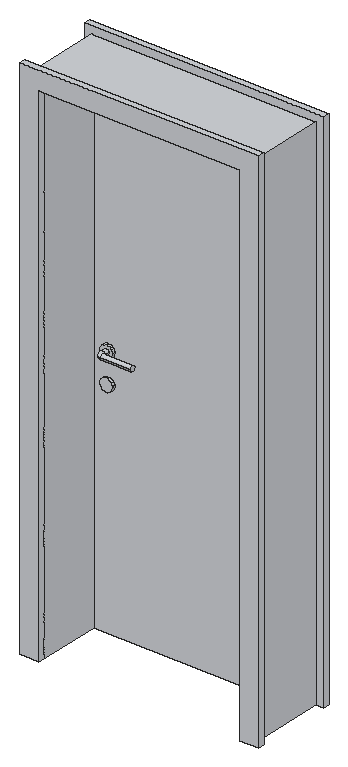
Revit family "单嵌板木门 1", category 门, Revit 2018
Family settings
  主体 = 墙
  OmniClass 编号 = 23.30.10.00
  OmniClass 标题 = Doors
  总是垂直 = 是
  加载时剪切的空心 = 否
  共享 = 否
  房间计算点 = 否
Parameters (values of type "900 x 2100mm")
  Visual Light Transmittance = 0
  Type Comments = ""
  厚度 = 50 mm
  Solar Heat Gain Coefficient = 0
  Rough Width = 宽度  # 900 mm
  Rough Height = 高度  # 2100 mm
  贴面宽度 = 75 mm
  贴面材质 = none
  构造类型 ID = ""
  传热系数(U) = 3.7021 W/(m²·K)
  把手材质 = none
  框架材质 = none
  功能 = 内部
  高度 = 2100 mm
  墙闭合 = 按主体
  宽度 = 900 mm
  框架宽度 = 45 mm
  贴面厚度 = 25 mm
  Fire Rating = ""
  门嵌板材质 = none
  门嵌入 = 0 mm
  Description = ""
  Construction Type = ""
  Analytic Construction = (empty or 0)
Types (4, lengths in mm): name | 宽度
  (no name) | 900
  900 x 2100mm | 900
  700 x 2100mm | 700
  800 x 2100mm | 800
Reference planes
  plane 1 "中心(前/后)": y = 0
  plane 2 "中心(左/右)": x = 0
  plane 3 "左": x = -450
  plane 4 "右": x = 450
  plane 5 "顶部": z = 2100
  plane 6 "外部": y = 150
  plane 7 "内部": y = -150
  plane 8: z = 1050
  plane 9: x = 480
  plane 10: x = -480
  plane 11: z = 2130
  plane 12: y = -175
  plane 13: x = -405
  plane 14: x = 405
  plane 15: y = 175
  plane 16: z = 2055
  plane 17: x = -345
  plane 18: y = 125
  plane 19: y = 150
  plane 20: y = 100
  plane 21: z = 900
  plane 22: z = 0
  plane 23: y = 900
  plane 24: x = 410
  plane 25: z = 1027.5
Forms (mm)
  Extrusion 1, solid, material <- "贴面材质", detail levels fine
    sketch origin (0, -150, 0) x (1, 0, 0) y (0, 0, 1)
      loop
        line (-480, 2130) -> (-480, 0) -> (-405, 0) -> (-405, 2055) -> (405, 2055) -> (405, 0) -> (480, 0) -> (480, 2130) -> (-480, 2130)
    from 0 to 25
  Extrusion 2, solid, material <- "贴面材质", detail levels fine
    sketch origin (0, 150, 0) x (1, 0, 0) y (0, 0, 1)
      loop
        line (480, 2130) -> (-480, 2130) -> (-480, 0) -> (-405, 0) -> (-405, 2055) -> (405, 2055) -> (405, 0) -> (480, 0) -> (480, 2130)
    from -25 to 0
  Extrusion 3, solid, material <- "框架材质"
    sketch origin (0, -150, 0) x (1, 0, 0) y (0, 0, 1)
      loop
        line (-450, 0) -> (-405, 0) -> (-405, 2055) -> (405, 2055) -> (405, 0) -> (450, 0) -> (450, 2100) -> (-450, 2100) -> (-450, 0)
    from -300 to 0
  Extrusion 4, solid, material <- "门嵌板材质"
    sketch origin (0, 0, 0) x (1, 0, 0) y (0, 1, 0)
      loop
        line (-405, 100) -> (405, 100) -> (405, 150) -> (-405, 150) -> (-405, 100)
    from 0 to 2055
Lines and regions (mm)
  Opening 1
    outline origin (-3050, -150, 0) x (1, 0, 0) y (0, 0, 1)
      loop
        line (2600, 0) -> (3500, 0) -> (3500, 2100) -> (2600, 2100) -> (2600, 0)
  Masking region 1
    outline origin (0, 0, 0) x (1, 0, 0) y (0, 1, 0)
      loop
        line (410, 900) -> (410, 0) -> (450, 0) -> (450, 900) -> (410, 900)
  Masking region 2
    outline origin (0, 0, 0) x (0, 1, 0) y (0, 0, 1)
      loop
        line (150, 2100) -> (-150, 2100) -> (-150, 0) -> (150, 0) -> (150, 2100)
  symbolic lines, style "平/剖面打开方向 - 实线"
    curve 1: line (410, 900, 0) -> (450, 900, 0)
    curve 2: line (410, 0, 0) -> (410, 900, 0)
    curve 3: line (450, 0, 0) -> (410, 0, 0)
    curve 4: line (450, 900, 0) -> (450, 150, 0)
    curve 5: line (450, 150, 0) -> (450, 0, 0)
    curve 6: arc (450, 900, 0) -> (-186.396, 636.396, 0) -> (-450, 0, 0) r 900
    curve 7: line (0, 150, 2100) -> (0, -150, 2100)
    curve 8: line (0, 150, 0) -> (0, 150, 2100)
    curve 9: line (0, -150, 0) -> (0, 150, 0)
    curve 10: line (0, -150, 2100) -> (0, -150, 0)
    curve 11: line (0, 20, 2100) -> (0, 20, 0)
    curve 12: line (0, -20, 0) -> (0, -20, 2100)
  symbolic lines, style "立面打开方向 - 划线"
    curve 13: line (-405, 150, 2055) -> (405, 150, 1027.5)
    curve 14: line (405, 150, 1027.5) -> (-405, 150, 0)
Text (mm)
  text "Exterior" at (-2295.016, 1099.543, 0), in view "参照标高"
  text "Exterior" at (0, 1615.38, 3698.081), in view "左"
  text "Exterior" at (0, 1036.032, 3874.932), in view "右"
Dimensions and locks
  equal spacing: plane 3 "左", plane 2 "中心(左/右)", plane 4 "右"
  "宽度": plane 3 "左" to plane 4 "右"
  "高度": plane 5 "顶部" to host wall
  locked: plane 6 "外部" to host wall at 0
  locked: plane 7 "内部" to host wall
  equal spacing: level, plane 8, plane 5 "顶部"
  "框架宽度": plane 3 "左" to plane 13
  "框架宽度": plane 14 to plane 4 "右"
  "贴面宽度": plane 10 to plane 13
  "贴面宽度": plane 14 to plane 9
  "贴面厚度": plane 12 to plane 7 "内部"
  "贴面厚度": plane 15 to plane 6 "外部"
  "框架宽度": plane 5 "顶部" to plane 16
  "贴面宽度": plane 11 to plane 16
  equal spacing: plane 19, plane 18, plane 20
  "厚度": plane 19 to plane 20
  "门嵌入": plane 19 to plane 6 "外部"
  locked: plane 22 to plane 21 at 900
  "宽度": plane 23 to plane 1 "中心(前/后)"
  locked: plane 24 to plane 4 "右" at 40
  curve 11 to plane 1 "中心(前/后)" to curve 12 = 20 mm locked, 20 mm locked
  locked: plane 13 to plane 17 at 60
  equal spacing: plane 22, plane 25, plane 16
  "宽度": radius of curve 6
  aligned and locked: plane 3 "左" to Opening 1 sketch curve
  aligned and locked: plane 5 "顶部" to Opening 1 sketch curve  (x2)
  aligned and locked: Opening 1 sketch curve to plane 4 "右"
  aligned and locked: Opening 1 sketch curve to level
  aligned and locked: plane 1 "中心(前/后)" to host wall
  aligned and locked: plane 10 to Extrusion 1 sketch curve  (x2)
  aligned and locked: Extrusion 1 sketch curve to plane 11
  aligned and locked: Extrusion 1 sketch curve to plane 9
  aligned and locked: Extrusion 1 to plane 7 "内部"
  aligned and locked: Extrusion 1 to plane 12
  aligned and locked: plane 14 to Extrusion 1 sketch curve
  aligned and locked: plane 13 to Extrusion 1 sketch curve
  aligned and locked: Extrusion 1 to plane 16
  aligned and locked: Extrusion 2 to plane 16
  aligned and locked: plane 11 to Extrusion 2
  aligned and locked: plane 9 to Extrusion 2
  aligned and locked: plane 14 to Extrusion 2
  aligned and locked: plane 13 to Extrusion 2
  aligned and locked: plane 10 to Extrusion 2
  aligned and locked: Extrusion 2 to level  (x2)
  aligned and locked: plane 6 "外部" to Extrusion 2
  aligned and locked: plane 15 to Extrusion 2
  aligned: Extrusion 1 to Extrusion 3 sketch curve
  aligned and locked: Extrusion 3 sketch curve to Extrusion 1  (x2)
  aligned and locked: Extrusion 3 sketch curve to host wall  (x2)
  aligned and locked: Extrusion 3 to plane 6 "外部"
  aligned and locked: plane 7 "内部" to Extrusion 3
  aligned and locked: Extrusion 4 sketch curve to plane 14
  aligned and locked: Extrusion 4 sketch curve to plane 13
  aligned and locked: plane 16 to Extrusion 4
  aligned and locked: Extrusion 4 to level
  aligned and locked: plane 19 to Extrusion 4 sketch curve
  aligned and locked: Extrusion 4 sketch curve to plane 20
  aligned and locked: plane 18 to nested 1
  aligned and locked: plane 17 to nested 1
  aligned and locked: level to plane 22
  aligned and locked: plane 21 to nested 1
  aligned and locked: plane 11 to Extrusion 2 sketch curve
  aligned and locked: Extrusion 2 sketch curve to plane 16
  aligned and locked: plane 9 to Extrusion 2 sketch curve
  aligned and locked: plane 14 to Extrusion 2 sketch curve
  aligned and locked: plane 13 to Extrusion 2 sketch curve
  aligned and locked: plane 10 to Extrusion 2 sketch curve
  aligned and locked: plane 22 to Extrusion 2 sketch curve  (x2)
  aligned and locked: Extrusion 2 sketch curve to plane 22
  aligned and locked: plane 16 to Extrusion 1 sketch curve
  aligned and locked: plane 22 to Extrusion 1 sketch curve
  aligned and locked: Extrusion 3 sketch curve to plane 22
  aligned and locked: plane 14 to Extrusion 3 sketch curve
  aligned and locked: plane 3 "左" to Extrusion 3 sketch curve
  aligned and locked: Masking region 1 sketch curve to plane 23
  aligned and locked: Masking region 1 sketch curve to plane 24
  aligned and locked: Masking region 1 sketch curve to plane 1 "中心(前/后)"
  aligned and locked: plane 4 "右" to curve 5
  aligned and locked: plane 4 "右" to curve 4
  aligned and locked: curve 2 to plane 24
  aligned and locked: curve 1 to plane 23
  aligned and locked: plane 1 "中心(前/后)" to curve 5
  aligned and locked: plane 4 "右" to curve 6
  aligned and locked: plane 1 "中心(前/后)" to curve 6
  aligned and locked: plane 6 "外部" to curve 5
  aligned and locked: Masking region 2 sketch curve to plane 7 "内部"
  aligned and locked: plane 6 "外部" to Masking region 2 sketch curve
  aligned and locked: plane 22 to Masking region 2 sketch curve
  aligned and locked: plane 5 "顶部" to Masking region 2 sketch curve
  aligned and locked: plane 22 to curve 9
  aligned and locked: plane 6 "外部" to curve 8
  aligned and locked: curve 10 to plane 7 "内部"
  aligned and locked: plane 5 "顶部" to curve 7
  aligned and locked: plane 22 to curve 11
  aligned and locked: plane 5 "顶部" to curve 12
  aligned and locked: plane 4 "右" to Masking region 1 sketch curve
  aligned and locked: plane 16 to curve 13
  aligned and locked: plane 13 to curve 13
  aligned and locked: plane 25 to curve 14
  aligned and locked: plane 14 to curve 13
  aligned and locked: plane 22 to curve 14
  aligned and locked: plane 13 to curve 14
Automatic sketch dimensions
  level to Extrusion 1 sketch curve = 0 mm
  Extrusion 3 sketch curve to level = 0 mm
Nested families
  nested 1: "门锁 11" at (-345, 125, 900) x (-1, 0, 0) z (0, 0, 1), type "门锁 11", detail levels fine
Definition of nested family "门锁 11"
  Parameters
    锁孔距离 = 120 mm
    嵌板厚度 = 50 mm
    把手材质 = none
    Assembly Code = ""
  Reference planes
    plane 1 "中心(前/后)": y = 0
    plane 2: z = 0
    plane 3 "中心(左/右)": x = 0
    plane 4: y = -25
    plane 5: y = 25
    plane 6: y = -35
    plane 7: y = 35
    plane 8: z = 120
  Forms (mm)
    Extrusion 1, solid, material <- "把手材质"
      sketch origin (0, 0, 100) x (1, 0, 0) y (0, 0, 1)
        loop
          circle (0, 20) r 25
      from 25 to 35
    Sweep 2, solid, material <- "把手材质"
      path origin (0, 0, 0) x (1, 0, 0) y (0, 1, 0)
        loop
          line (0, -35) -> (0, -55.613)
          arc (0, -55.613) -> (-3.798, -64.783) -> (-12.968, -68.581) r 12.968
          line (-12.968, -68.581) -> (-131.581, -68.581)
      profile origin (0, -45.307, 0) x (1, 0, 0) y (0, 0, 1)
        loop
          circle (0, 120) r 10
    Extrusion 3, solid, material <- "把手材质"
      sketch origin (0, 60, 100) x (1, 0, 0) y (0, 0, -1)
        loop
          circle (0, -20) r 25
      from -35 to -25
    Sweep 4, solid, material <- "把手材质"
      path origin (0, 0, 0) x (1, 0, 0) y (0, -1, 0)
        loop
          line (0, -35) -> (0, -55.613)
          arc (0, -55.613) -> (-3.798, -64.783) -> (-12.968, -68.581) r 12.968
          line (-12.968, -68.581) -> (-131.581, -68.581)
      profile origin (0, 45.307, 0) x (-1, 0, 0) y (0, 0, 1)
        loop
          circle (0, 120) r 10
    Extrusion 5, solid, material <- "把手材质"
      sketch origin (0, 0, 0) x (1, 0, 0) y (0, 0, 1)
        loop
          circle (0, 0) r 25
      from 25 to 35
    Extrusion 6, solid, material <- "把手材质"
      sketch origin (0, 0, 0) x (1, 0, 0) y (0, 0, -1)
        loop
          circle (0, 0) r 25
      from 25 to 35
  Dimensions and locks
    equal spacing: plane 4, plane 1 "中心(前/后)", plane 5
    "嵌板厚度": plane 4 to plane 5
    locked: plane 4 to plane 6 at 10
    locked: plane 5 to plane 7 at 10
    locked: Sweep 4 sketch curve to Sweep 4 sketch curve at 20.613
    locked: Sweep 4 sketch curve to Sweep 4 sketch curve at 118.613
    locked: Sweep 4 sketch curve to plane 3 "中心(左/右)" at 12.968
    locked: plane 7 to Sweep 4 sketch curve at 20.613
    locked: plane 6 to Sweep 2 sketch curve at 20.613  (x2)
    locked: Sweep 2 sketch curve to Sweep 2 sketch curve at 118.613
    locked: Sweep 2 sketch curve to plane 3 "中心(左/右)" at 12.968
    "锁孔距离": plane 2 to plane 8
    radius of Sweep 4 sketch curve = 12.968 mm
    radius of Sweep 2 sketch curve = 12.968 mm
    aligned and locked: plane 4 to Extrusion 1
    aligned and locked: Extrusion 1 to plane 6
    aligned and locked: Sweep 2 to plane 6
    aligned and locked: plane 5 to Extrusion 3
    aligned and locked: Extrusion 3 to plane 7
    aligned and locked: Sweep 4 to plane 7
    aligned and locked: plane 4 to Extrusion 5
    aligned and locked: Extrusion 5 to plane 6
    aligned and locked: plane 5 to Extrusion 6
    aligned and locked: Extrusion 6 to plane 7
    aligned and locked: plane 8 to Sweep 2 sketch curve
    aligned and locked: plane 3 "中心(左/右)" to Sweep 2 sketch curve
    aligned and locked: plane 3 "中心(左/右)" to Extrusion 1 sketch curve
    aligned and locked: plane 8 to Extrusion 1 sketch curve
    aligned and locked: plane 3 "中心(左/右)" to Extrusion 3 sketch curve
    aligned and locked: plane 8 to Extrusion 3 sketch curve
    aligned and locked: plane 8 to Sweep 4 sketch curve
    aligned and locked: plane 3 "中心(左/右)" to Sweep 4 sketch curve
    aligned and locked: plane 7 to Sweep 4 sketch curve
    aligned and locked: plane 6 to Sweep 2 sketch curve
  Automatic sketch dimensions
    Extrusion 5 sketch curve to level = 0 mm
    Extrusion 5 sketch curve to plane 3 "中心(左/右)" = 0 mm
    Extrusion 6 sketch curve to level = 0 mm
    Extrusion 6 sketch curve to plane 3 "中心(左/右)" = 0 mm
    radius of Extrusion 1 sketch curve = 25 mm
    radius of Sweep 2 sketch curve = 10 mm
    radius of Extrusion 3 sketch curve = 25 mm
    radius of Sweep 4 sketch curve = 10 mm
    radius of Extrusion 5 sketch curve = 25 mm
    radius of Extrusion 6 sketch curve = 25 mm
